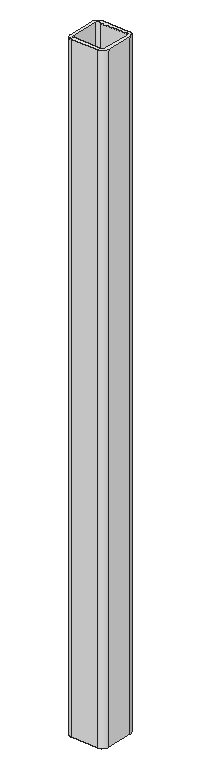
Revit family
Parameters (values of type "HSS152.4X152.4X12.7")
  Column Material [instance] = Metal - Steel - 345 MPa
  Assembly Code = ""
  A = 0.00628 m²
  Ht = 152 mm
  W = 0.512
  Shape = "Square"
  b = 152 mm
  kr = 2 * t  # 23.6 mm
  t = 11.8 mm
Types (2, lengths in mm): name | A | Ht | W | b | kr | t
  HSS152.4X152.4X12.7 | 0.00628 m² | 152 | 0.512 | 152 | 23.6 | 11.8
  HSS203.2X203.2X9.5 | 0.00669 m² | 203 | 0.549 | 203 | 17.8 | 8.9
Reference planes
  plane 1 "Center (Front/Back)": y = 0
  plane 2: z = 0
  plane 3 "Center (Left/Right)": x = 0
  plane 4: x = -76
  plane 5: x = 76
  plane 6: y = 76
  plane 7: y = -76
  plane 8: x = -52.4
  plane 9: y = -52.4
  plane 10: y = 52.4
  plane 11: x = 52.4
Forms (mm)
  Extrusion 1, solid, material "Metal - Steel - 345 MPa" <- "Column Material", detail levels medium
    sketch origin (0, 0, 0) x (1, 0, 0) y (0, 1, 0)
      loop
        line (-76, 76) -> (-76, -76) -> (76, -76) -> (76, 76) -> (-76, 76)
      loop
        line (-64.2, 64.2) -> (-64.2, -64.2) -> (64.2, -64.2) -> (64.2, 64.2) -> (-64.2, 64.2)
    from 0 to 2500
  Extrusion 2, solid, material "Metal - Steel - 345 MPa" <- "Column Material", detail levels fine
    sketch origin (0, 0, 0) x (1, 0, 0) y (0, 1, 0)
      loop
        arc (-52.4, 76) -> (-69.088, 69.088) -> (-76, 52.4) r 23.6
        line (-76, 52.4) -> (-76, -52.4)
        arc (-76, -52.4) -> (-69.088, -69.088) -> (-52.4, -76) r 23.6
        line (-52.4, -76) -> (52.4, -76)
        arc (52.4, -76) -> (69.088, -69.088) -> (76, -52.4) r 23.6
        line (76, -52.4) -> (76, 52.4)
        arc (76, 52.4) -> (69.088, 69.088) -> (52.4, 76) r 23.6
        line (52.4, 76) -> (-52.4, 76)
      loop
        arc (-52.4, 64.2) -> (-60.744, 60.744) -> (-64.2, 52.4) r 11.8
        line (-64.2, 52.4) -> (-64.2, -52.4)
        arc (-64.2, -52.4) -> (-60.744, -60.744) -> (-52.4, -64.2) r 11.8
        line (-52.4, -64.2) -> (52.4, -64.2)
        arc (52.4, -64.2) -> (60.744, -60.744) -> (64.2, -52.4) r 11.8
        line (64.2, -52.4) -> (64.2, 52.4)
        arc (64.2, 52.4) -> (60.744, 60.744) -> (52.4, 64.2) r 11.8
        line (52.4, 64.2) -> (-52.4, 64.2)
    from 0 to 2500
Lines and regions (mm)
  symbolic lines, style "StructuralColumnStickSymbols", detail levels coarse
    curve 1: line (-76, 76, 0) -> (76, 76, 0)
    curve 2: line (-76, -76, 0) -> (76, -76, 0)
    curve 5: line (-76, 76, 0) -> (-76, -76, 0)
    curve 6: line (76, 76, 0) -> (76, -76, 0)
  symbolic lines, style "Hidden Faces", detail levels medium+fine
    curve 3: line (-64.2, 0, 0) -> (-64.2, 0, 2500)
    curve 4: line (64.2, 0, 2500) -> (64.2, 0, 0)
    curve 7: line (0, 64.2, 0) -> (0, 64.2, 2500)
    curve 8: line (0, -64.2, 0) -> (0, -64.2, 2500)
Dimensions and locks
  equal spacing: plane 4, plane 3 "Center (Left/Right)", plane 5
  equal spacing: plane 7, plane 1 "Center (Front/Back)", plane 6
  "Ht": plane 7 to plane 6
  "b": plane 4 to plane 5
  "t": Extrusion 1 sketch curve to plane 5
  "t": plane 4 to Extrusion 1 sketch curve
  "t": Extrusion 1 sketch curve to plane 6
  "t": Extrusion 1 sketch curve to plane 7
  "t": Extrusion 2 sketch curve to plane 6
  "t": Extrusion 2 sketch curve to plane 5
  "t": plane 4 to Extrusion 2 sketch curve
  "t": Extrusion 2 sketch curve to plane 7
  "kr": plane 10 to plane 6
  "kr": plane 7 to plane 9
  "kr": plane 11 to plane 5
  "kr": plane 4 to plane 8
  aligned and locked: plane 6 to Extrusion 1 sketch curve
  aligned and locked: Extrusion 1 sketch curve to plane 7
  aligned and locked: Extrusion 1 sketch curve to plane 4
  aligned and locked: plane 5 to Extrusion 1 sketch curve
  aligned and locked: level to Extrusion 1
  aligned and locked: level to plane 2
  aligned and locked: Extrusion 1 to plane 2
  aligned and locked: curve 1 to Extrusion 2 sketch curve
  aligned and locked: Extrusion 2 sketch curve to Extrusion 1
  aligned and locked: level to Extrusion 2
  aligned and locked: curve 4 to Extrusion 2
  aligned and locked: curve 3 to Extrusion 2
  aligned and locked: Extrusion 2 to curve 7  (x2)
  aligned and locked: Extrusion 2 to curve 8  (x2)
  aligned and locked: curve 7 to Extrusion 1
  aligned and locked: curve 8 to Extrusion 1
Automatic sketch dimensions
  Extrusion 2 sketch curve to plane 8 = 0 mm  (x4)
  Extrusion 2 sketch curve to plane 7 = 0 mm
  Extrusion 2 sketch curve to plane 11 = 0 mm
  Extrusion 2 sketch curve to plane 10 = 0 mm  (x2)
  Extrusion 2 sketch curve to plane 9 = 0 mm  (x2)
  curve 3 to level = 0 mm  (x2)
  curve 4 to level = 0 mm  (x2)
  curve 5 to plane 4 = 0 mm
  curve 2 to plane 5 = 0 mm
  curve 5 to plane 7 = 0 mm
  curve 5 to plane 6 = 0 mm
